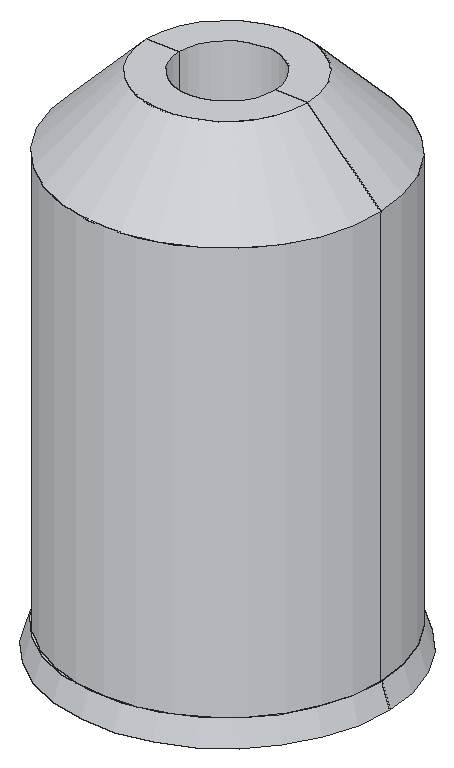
Revit family "RRHS Tapered", category Generic Models, Revit 2018
Family settings
  Can host rebar = No
  Round Connector Dimension = Use Diameter
  Part Type = Normal
  Work Plane-Based = Yes
  Always vertical = No
  Cut with Voids When Loaded = No
  Shared = Yes
  Room Calculation Point = No
Parameters (values of type "RRHS382T")
  Standard Gasket [instance] = not(RRRG38 Gasket)  # yes
  Spacer Material = none
  Ship Complete Level [instance] = ""
  Required Date [instance] = ""
  Rack Slot Gasket = RRRG38 : RRRG38
  RRRG38 Gasket [instance] = no
  Length = 2.000"
  Job [instance] = ""
  Inside Radius = Inside Diameter / 2  # 0.1875"
  Inside Diameter = 0.375"
  Group/Run [instance] = ""
  Gasket Type [instance] = if(RRRG38 Gasket, Rack Slot Gasket, Flat Gasket)  # GSK002001 : GSK002001-01
  Gasket Offset [instance] = if(RRRG38 Gasket, 0.250", 0.000")  # 0.000"
  Flat Gasket = GSK002001 : GSK002001-01
  Description = "Spacer Tapered Hygienic 304 3/8-16 Threaded Hole 2 Inch long"
  Default Elevation = 48.000"
  Custom [instance] = ""
  Catalog Number = "RRHS382T"
  Assembly Name [instance] = ""
  Assembly ID [instance] = ""
Types (5): name | Length | Inside Radius | Inside Diameter | Description | Catalog Number
  RRHS381T | 1.000" | 0.1875" | 0.375" | "Spacer Tapered Hygienic 304 3/8-16 Threaded Hole 1 Inch long" | "RRHS381T"
  RRHS382T | 2.000" | 0.1875" | 0.375" | "Spacer Tapered Hygienic 304 3/8-16 Threaded Hole 2 Inch long" | "RRHS382T"
  RRHS141T | 1.000" | 0.125" | 0.250" | "Spacer Tapered Hygienic 304 1/4-20 Threaded Hole 1 Inch long" | "RRHS141T"
  RRHS142T | 2.000" | 0.125" | 0.250" | "Spacer Tapered Hygienic 304 1/4-20 Threaded Hole 2 Inch long" | "RRHS142T"
  RRHS122T | 2.000" | 0.250" | 0.500" | "Spacer Tapered Hygienic 304 1/2-13 Threaded Hole 2 Inch long" | "RRHS122T"
Reference planes (in)
  plane 1 "Center (Front/Back)": y = 0
  plane 2: z = 0
  plane 3 "Center (Left/Right)": x = 0
  plane 4 "front": y = -2
  plane 5 "outer": x = -0.595
  plane 6 "top thread depth": y = -1.718
  plane 7 "gasket": y = 0
  plane 8 "gskt": z = 0
  plane 9 "spacer front": z = 2
  plane 10 "top thread": z = 1.718
Forms (in)
  Revolve 1, solid, material <- "Spacer Material"
    sketch origin (0, 0, 0) x (1, 0, 0) y (0, 0, 1)
      loop
        line (-0.404, 0) -> (-0.404, 0.05) -> (0, 0.05) -> (0, 2) -> (-0.313, 2) -> (-0.595, 1.718) -> (-0.595, 0.09) -> (-0.49696, 0.11627)
        arc (-0.49696, 0.11627) -> (-0.48258, 0.11242) -> (-0.47873, 0.09804) r 0.01489
        line (-0.47873, 0.09804) -> (-0.505, 0) -> (-0.404, 0)
      axis (0, 2) -> (0, 0)
    angle from 0 to 360
  Extrusion 2, void
    sketch origin (0, 0, 0) x (1, 0, 0) y (0, 1, 0)
      loop
        circle (0, 0) r 0.1875
    from 0 to 2
Cuts and joins
  Extrusion 2 cuts Revolve 1
Dimensions and locks (in)
  "Length": plane 4 "front" to plane 1 "Center (Front/Back)"
  locked: plane 5 "outer" to plane 3 "Center (Left/Right)" at 0.595
  locked: plane 4 "front" to plane 6 "top thread depth" at 0.282
  "Gasket Offset": plane 1 "Center (Front/Back)" to plane 7 "gasket"
  "Gasket Offset": level to plane 8 "gskt"
  "Length": plane 9 "spacer front" to plane 2
  locked: plane 9 "spacer front" to plane 10 "top thread" at 0.282
  "Inside Radius": radius of Extrusion 2 sketch curve
  aligned and locked: plane 2 to level
  aligned and locked: plane 5 "outer" to Revolve 1 sketch curve
  aligned and locked: plane 9 "spacer front" to Revolve 1 sketch curve
  aligned and locked: Extrusion 2 to plane 9 "spacer front"
  aligned and locked: plane 10 "top thread" to Revolve 1 sketch curve
Automatic sketch dimensions
  Revolve 1 sketch curve to plane 3 "Center (Left/Right)" = 0.000"
  Revolve 1 sketch curve to Revolve 1 sketch curve = 0.313"
  Revolve 1 sketch curve to Revolve 1 sketch curve = 0.404"
  level to Revolve 1 sketch curve = 0.09804"
  Revolve 1 sketch curve to Revolve 1 sketch curve = 0.07473"
  Revolve 1 sketch curve to Revolve 1 sketch curve = 0.01438"
  level to Revolve 1 sketch curve = 0.11627"
  Revolve 1 sketch curve to Revolve 1 sketch curve = 0.00385"
  level to Revolve 1 sketch curve = 0.000"
  Revolve 1 sketch curve to Revolve 1 sketch curve = 0.101"
  level to Revolve 1 sketch curve = 0.090"
  Revolve 1 sketch curve to Revolve 1 sketch curve = 0.09804"
  Revolve 1 sketch curve to Revolve 1 sketch curve = 0.050"
  plane 8 "gskt" to Revolve 1 sketch curve = 1.88466"
  Revolve 1 sketch curve to plane 9 "spacer front" = 1.36534"
  plane 1 "Center (Front/Back)" to Extrusion 2 sketch curve = 0.000"
  Extrusion 2 sketch curve to plane 3 "Center (Left/Right)" = 0.000"
Nested families (in)
  nested 1: "GSK002001" at (0, 0, 0), type <- "Gasket Type", Required Date <- "Required Date", Assembly Name <- "Assembly Name", Assembly ID <- "Assembly ID", Group/Run <- "Group/Run", Job <- "Job", Ship Complete Level <- "Ship Complete Level", Custom <- "Custom", type "GSK002001-01"
    with Ship Complete Level "", Required Date "", Job "", Group/Run "", Custom "", Assembly Name "", Assembly ID ""
Definition of nested family "GSK002001"
  Parameters (values of type "GSK002001-01")
    Ship Complete Level [instance] = ""
    Required Date [instance] = ""
    Job [instance] = ""
    Group/Run [instance] = ""
    Gasket Material = none
    Description = "Spacer Gasket"
    Default Elevation = 48.000"
    Custom [instance] = ""
    Catalog Number = "RMGSK002001"
    Assembly Name [instance] = ""
    Assembly ID [instance] = ""
  Reference planes (in)
    plane 1 "Center (Front/Back)": y = 0
    plane 2: z = 0
    plane 3 "Center (Left/Right)": x = 0
    plane 4: x = -0.6285
  Forms (in)
    Revolve 1, solid, material <- "Gasket Material"
      sketch origin (0, 0, 0) x (1, 0, 0) y (0, 0, 1)
        loop
          arc (-0.47878, 0.09785) -> (-0.48266, 0.11234) -> (-0.49715, 0.11622) r 0.015
          line (-0.49715, 0.11622) -> (-0.59868, 0.08901) -> (-0.6285, 0) -> (-0.505, 0) -> (-0.47878, 0.09785)
        axis (0, 0.11622) -> (0, 0)
      angle from 0 to 360
  Dimensions and locks (in)
    aligned and locked: level to plane 2
